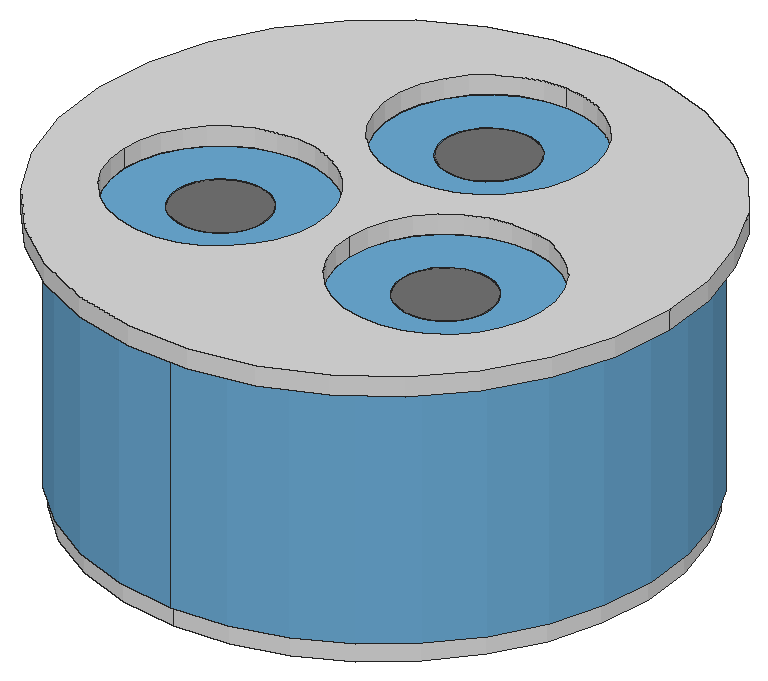
Revit family "Roxtec H3 seals", category Duct Accessories, host Face, Revit 2017
Family settings
  Host = Face
  Round Connector Dimension = Use Diameter
  Part Type = Attaches To
  Cut with Voids When Loaded = No
  Shared = No
Parameters (values of type "H3-150")
  Max cable Ø = 54 mm
  phase left right height = 56.8 mm
  phase left right distance = 31.6 mm
  Min cable Ø = 24 mm
  phase down distance = 111.5 mm
  Weight (kg) = 2.8
  WarrantyGuarantorParts = ""
  WarrantyGuarantorLabor = ""
  WarrantyDurationUnit = ""
  WarrantyDurationParts = ""
  WarrantyDurationLabor = ""
  WarrantyDescription = ""
  Version = "2.0"  # constant formula
  Uniclass2015Version = ""
  Uniclass2015Title = ""
  Uniclass2015Code = ""
  URL = "https://www.roxtec.com/en/products/solutions/roxtec-h3-seal/"
  UNSPSC Code = ""
  SustainabilityPerformance = ""
  Size = ""
  Shape = ""
  Sealing material = Roxylon blue
  Roxtec RTD [instance] = ""
  Roxtec Product Title [instance] = if(and(Wall opening diameter = 150 mm), "H3-150", "H3-200")  # "H3-150"
  Roxtec Product ID [instance] = if(and(Wall opening diameter = 150 mm), "122905", "122909")  # "122905"
  Revision = ""
  ReplacementCost = ""
  ProductInformation = ""
  ProdLib_ID = ""
  NominalLength [instance] = 0 mm
  NominalHeight = 0 mm
  NominalDepth = 0 mm
  Name = ""
  NBSReference = ""
  NBSDescription = ""
  ModelReference = ""
  ModelNumber = ""
  ManufacturerURL = ""
  Manufacturer = "Roxtec"  # constant formula
  IfcExportType = ""
  IfcExportAs = ""
  IfcClassification = ""
  IFC Classification = ""
  Grade = ""
  Frame material = Roxylon blue
  Fitting material = Steel
  Finish = ""
  Features = ""
  ExpectedLife = ""
  ETIM Classification = "EC000220"  # constant formula
  DurationUnit = ""
  Description = "Sealing solutions for cables and pipes"
  Default Elevation = 0 mm
  Core material = Roxylon black
  Constituents = ""
  Color = ""
  Wall opening diameter = 150 mm
  Fitting height = 65 mm  # constant formula
  Fitting thickness = 5 mm  # constant formula
  Front fitting diameter = Wall opening diameter + 10 mm  # 160 mm
  CodePerformance = ""
  Category = ""
  COBie Type Category = ""
  BIMObjectName = ""
  Author = "ProdLib Oy"  # constant formula
  AssetType = ""
  AccessibilityPerformance = ""
Types (3, lengths in mm): name | Max cable Ø | phase left right height | phase left right distance | Min cable Ø | phase down distance | Weight (kg) | Roxtec Product Title | Roxtec Product ID | Wall opening diameter | Front fitting diameter
  (no name) | 54 | 56.8 | 31.6 | 24 | 111.5 | 2.8 | "H3-150" | "122905" | 150 | 160
  H3-150 | 54 | 56.8 | 31.6 | 24 | 111.5 | 2.8 | "H3-150" | "122905" | 150 | 160
  H3-200 | 70 | 74.8 | 43.7 | 48 | 150.5 | 4.8 | "H3-200" | "122909" | 200 | 210
Reference planes
  plane 1 "Center (Front/Back)": y = 0
  plane 2: z = 0
  plane 3 "Center (Left/Right)": x = 0
  plane 4: y = 75
  plane 5: y = -75
  plane 6: z = -500
  plane 7: z = 5
  plane 8: z = -65
  plane 9: z = -70
  plane 10: x = -80
  plane 11: x = 80
  plane 12: y = 40
  plane 13: y = 54
  plane 14: y = 26
  plane 15: y = 47.5
  plane 16: y = 32.5
  plane 17: y = 36.5
  plane 18: y = 63.5
  plane 19: y = 9.5
  plane 20: y = 48.5
  plane 21: y = 24.5
  plane 22: x = -31.6
  plane 23: x = 31.6
  plane 24: y = -18.2
  plane 25: x = -58.6
  plane 26: x = -4.6
  plane 27: x = -43.6
  plane 28: x = -19.6
  plane 29: x = 4.6
  plane 30: x = 58.6
  plane 31: x = 19.6
  plane 32: x = 43.6
Forms (mm)
  Extrusion 1, void
    sketch origin (0, 0, 0) x (1, 0, 0) y (0, 1, 0)
      loop
        circle (0, 0) r 75
    from -500 to 0
  Extrusion 2, solid, material "Roxylon blue" <- "Frame material"
    sketch origin (0, 0, 0) x (1, 0, 0) y (0, 1, 0)
      loop
        circle (0, 0) r 75
    from -65 to 0
  Extrusion 3, solid, material "Steel" <- "Fitting material"
    sketch origin (0, 0, 0) x (1, 0, 0) y (0, 1, 0)
      loop
        circle (0, 0) r 80
    from 0 to 5
  Extrusion 4, void
    sketch origin (0, 0, 0) x (1, 0, 0) y (0, 1, 0)
      loop
        circle (0, 36.5) r 27
    from -500 to 5
  Extrusion 5, solid, material "Roxylon blue" <- "Sealing material"
    sketch origin (0, 0, 0) x (1, 0, 0) y (0, 1, 0)
      loop
        circle (0, 36.5) r 27
      loop
        circle (0, 36.5) r 12
    from -65 to 0
  Extrusion 6, void
    sketch origin (0, 0, 0) x (1, 0, 0) y (0, 1, 0)
      loop
        circle (-31.6, -18.2) r 27
    from -500 to 5
  Extrusion 7, solid, material "Roxylon blue" <- "Sealing material"
    sketch origin (0, 0, 0) x (1, 0, 0) y (0, 1, 0)
      loop
        circle (-31.6, -18.2) r 12
      loop
        circle (-31.6, -18.2) r 27
    from -65 to 0
  Extrusion 8, void
    sketch origin (0, 0, 0) x (1, 0, 0) y (0, 1, 0)
      loop
        circle (31.6, -18.2) r 27
    from -500 to 5
  Extrusion 9, solid, material "Roxylon blue" <- "Sealing material"
    sketch origin (0, 0, 0) x (1, 0, 0) y (0, 1, 0)
      loop
        circle (31.6, -18.2) r 27
      loop
        circle (31.6, -18.2) r 12
    from -65 to 0
  Extrusion 10, solid, material "Roxylon black" <- "Core material"
    sketch origin (0, 0, 0) x (1, 0, 0) y (0, 1, 0)
      loop
        circle (31.6, -18.2) r 12
    from -65 to 0
  Extrusion 11, solid, material "Roxylon black" <- "Core material"
    sketch origin (0, 0, 0) x (1, 0, 0) y (0, 1, 0)
      loop
        circle (0, 36.5) r 12
    from -65 to 0
  Extrusion 12, solid, material "Roxylon black" <- "Core material"
    sketch origin (0, 0, 0) x (1, 0, 0) y (0, 1, 0)
      loop
        circle (-31.6, -18.2) r 12
    from -65 to 0
  Extrusion 13, solid, material "Steel" <- "Fitting material"
    sketch origin (0, 0, 0) x (1, 0, 0) y (0, 1, 0)
      loop
        circle (0, 0) r 74
    from -70 to -65
Cuts and joins
  Extrusion 4, Extrusion 6, Extrusion 8 cuts Extrusion 2
  Extrusion 4, Extrusion 6, Extrusion 8 cuts Extrusion 3
  Extrusion 4, Extrusion 6, Extrusion 8 cuts Extrusion 13
Dimensions and locks
  locked: plane 2 to plane 6 at 500
  equal spacing: plane 4, plane 1 "Center (Front/Back)", plane 5
  "Wall opening diameter": plane 4 to plane 5
  "Fitting thickness": plane 7 to plane 2
  "Fitting height": plane 2 to plane 8
  "Fitting thickness": plane 8 to plane 9
  equal spacing: plane 10, plane 3 "Center (Left/Right)", plane 11
  "Front fitting diameter": plane 10 to plane 11
  locked: plane 4 to plane 12 at 35
  equal spacing: plane 13, plane 12, plane 14
  locked: plane 13 to plane 14 at 28
  equal spacing: plane 15, plane 12, plane 16
  locked: plane 15 to plane 16 at 15
  "phase down distance": plane 17 to plane 5
  equal spacing: plane 18, plane 17, plane 19
  "Max cable Ø": plane 18 to plane 19
  equal spacing: plane 20, plane 17, plane 21
  "Min cable Ø": plane 20 to plane 21
  "phase left right distance": plane 22 to plane 3 "Center (Left/Right)"
  "phase left right distance": plane 3 "Center (Left/Right)" to plane 23
  equal spacing: plane 25, plane 22, plane 26
  "Max cable Ø": plane 25 to plane 26
  equal spacing: plane 27, plane 22, plane 28
  "Min cable Ø": plane 27 to plane 28
  equal spacing: plane 29, plane 23, plane 30
  "Max cable Ø": plane 29 to plane 30
  equal spacing: plane 31, plane 23, plane 32
  "Min cable Ø": plane 31 to plane 32
  "phase left right height": plane 24 to plane 5
  plane 17 to plane 5 = 111.5 mm
  aligned and locked: plane 2 to host face
  aligned and locked: level to host face
  aligned and locked: plane 4 to Extrusion 1 sketch curve
  aligned and locked: plane 3 "Center (Left/Right)" to Extrusion 1 sketch curve  (x2)
  aligned and locked: plane 5 to Extrusion 1 sketch curve
  aligned and locked: Extrusion 1 to plane 6
  aligned and locked: level to Extrusion 1
  aligned and locked: plane 4 to Extrusion 2 sketch curve
  aligned and locked: plane 3 "Center (Left/Right)" to Extrusion 2 sketch curve  (x2)
  aligned and locked: plane 5 to Extrusion 2 sketch curve
  aligned and locked: Extrusion 2 to plane 8
  aligned and locked: level to Extrusion 2
  aligned and locked: plane 1 "Center (Front/Back)" to Extrusion 3  (x3)
  aligned and locked: plane 10 to Extrusion 3  (x2)
  aligned and locked: plane 11 to Extrusion 3
  aligned and locked: plane 7 to Extrusion 3
  aligned and locked: Extrusion 3 to level
  aligned and locked: plane 18 to Extrusion 4 sketch curve
  aligned and locked: plane 3 "Center (Left/Right)" to Extrusion 4 sketch curve  (x2)
  aligned and locked: plane 19 to Extrusion 4 sketch curve
  aligned and locked: Extrusion 4 to plane 6
  aligned and locked: plane 7 to Extrusion 4
  aligned and locked: plane 18 to Extrusion 5 sketch curve
  aligned and locked: plane 3 "Center (Left/Right)" to Extrusion 5 sketch curve  (x4)
  aligned and locked: plane 20 to Extrusion 5 sketch curve
  aligned and locked: plane 21 to Extrusion 5 sketch curve
  aligned and locked: plane 19 to Extrusion 5 sketch curve
  aligned and locked: Extrusion 6 to plane 6
  aligned and locked: plane 7 to Extrusion 6
  aligned and locked: plane 27 to Extrusion 7 sketch curve
  aligned and locked: plane 24 to Extrusion 7 sketch curve  (x4)
  aligned and locked: plane 28 to Extrusion 7 sketch curve
  aligned and locked: plane 26 to Extrusion 7 sketch curve
  aligned and locked: plane 25 to Extrusion 7 sketch curve
  aligned and locked: plane 24 to Extrusion 8 sketch curve
  aligned and locked: Extrusion 8 sketch curve to plane 24
  aligned and locked: plane 29 to Extrusion 8 sketch curve
  aligned and locked: plane 30 to Extrusion 8 sketch curve
  aligned and locked: Extrusion 8 to plane 6
  aligned and locked: plane 7 to Extrusion 8
  aligned and locked: plane 24 to Extrusion 9 sketch curve  (x2)
  aligned and locked: plane 31 to Extrusion 9 sketch curve
  aligned and locked: plane 32 to Extrusion 9 sketch curve
  aligned and locked: plane 30 to Extrusion 9 sketch curve
  aligned and locked: plane 29 to Extrusion 9 sketch curve
  aligned and locked: Extrusion 10 sketch curve to Extrusion 9
  aligned and locked: Extrusion 11 sketch curve to Extrusion 5
  aligned and locked: Extrusion 12 sketch curve to Extrusion 7
  aligned and locked: plane 2 to Extrusion 7
  aligned and locked: plane 2 to Extrusion 5
  aligned and locked: plane 2 to Extrusion 9
  aligned and locked: Extrusion 7 to plane 8
  aligned and locked: Extrusion 5 to plane 8
  aligned and locked: Extrusion 9 to plane 8
  aligned and locked: Extrusion 12 to plane 8
  aligned and locked: Extrusion 11 to plane 8
  aligned and locked: Extrusion 10 to plane 8
  aligned and locked: plane 2 to Extrusion 12
  aligned and locked: plane 2 to Extrusion 11
  aligned and locked: plane 2 to Extrusion 10
  aligned and locked: Extrusion 13 to plane 9
  aligned and locked: plane 8 to Extrusion 13
Automatic sketch dimensions
  host sketch curve to host sketch curve = 2438.4 mm  (x2)
  plane 1 "Center (Front/Back)" to Extrusion 3 sketch curve = 0 mm
  Extrusion 3 sketch curve to plane 10 = 0 mm
  Extrusion 3 sketch curve to plane 3 "Center (Left/Right)" = 0 mm
  Extrusion 6 sketch curve to plane 24 = 0 mm
  Extrusion 6 sketch curve to plane 25 = 0 mm
  Extrusion 6 sketch curve to plane 22 = 0 mm
  Extrusion 9 sketch curve to plane 24 = 0 mm
  Extrusion 13 sketch curve to plane 3 "Center (Left/Right)" = 0 mm  (x3)
  plane 1 "Center (Front/Back)" to Extrusion 13 sketch curve = 0 mm
  plane 5 to Extrusion 13 sketch curve = 1 mm
  Extrusion 13 sketch curve to Extrusion 13 sketch curve = 0 mm
